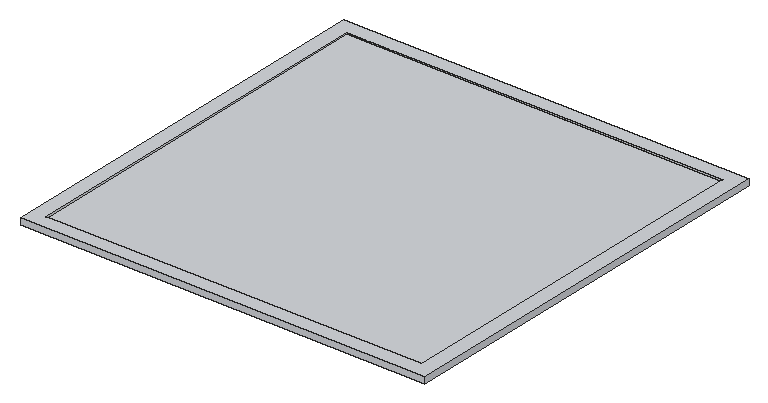
Revit family "0042631", category Lighting Fixtures, host Face, Revit 2017
Family settings
  Host = Face
  Round Connector Dimension = Use Diameter
  Part Type = Normal
  OmniClass Number = 23.80.70.00
  OmniClass Title = Lighting
  Cut with Voids When Loaded = No
  Light Source = Yes
  Shared = No
  Room Calculation Point = No
Parameters (values of type "0042631 S PL U19 600HE IP44 4300 840 LILO")
  Weight = "93.6 kg"
  Wattage Comments = ""
  Wattage = 34 W
  WarrantyStartDate [instance] = "n/a"
  WarrantyGuarantorParts = "n/a"
  WarrantyDurationUnit = "n/a"
  WarrantyDurationParts = "n/a"
  WarrantyDescription = "n/a"
  WIDTH_SYL = 297.5 mm
  built-in parameter 1150110 = 1 (stored number, unit not read)
  Voltage = 0 V
  URL = "http://www.sylvania-lighting.com"
  TypeName = "ST Panel UGR19 600x600 HE IP44 4300 840 LILO"
  Type Image = <None>
  Type Comments = "n/a"
  built-in parameter 1114217 = 1 (stored number, unit not read)
  Tilt Angle = -90.00°
  built-in parameter 1150109 = 1 (stored number, unit not read)
  built-in parameter 1150134 = 12
  TOPWIDTH_SYL = 245 mm
  built-in parameter 1150113 = 1 (stored number, unit not read)
  SerialNumber [instance] = "n/a"
  Photometric Web File = "0042631.ies"
  Material_3_SYL = none
  PowerFactor = 0.9
  PowerConsumption = "34 W"
  NominalLength = 595 mm
  NominalHeight = 35 mm
  NominalDepth = 595 mm
  Name = "ST Panel UGR19 600x600 HE IP44 4300 840 LILO"
  ModelReference = Name  # "ST Panel UGR19 600x600 HE IP44 4300 840 LILO"
  ModelNumber = "0042631"
  Model = Name  # "ST Panel UGR19 600x600 HE IP44 4300 840 LILO"
  Material = "aluminium,steel housing, other diffuser"
  ManufacturerName = "Feilo Sylvania"
  Manufacturer = "Feilo Sylvania"
  MAINHEIGHT_SYL = 63 mm
  LuminousEfficacy = "126 lm/W"
  built-in parameter 1150105 = 2121.3 (stored number, unit not read)
  Lumens = 4284 lm
  LuminaireType = ""
  built-in parameter 1150115 = 1 (stored number, unit not read)
  LightOutputRatio = "n/a"
  built-in parameter 1150137 = (empty or 0)
  built-in parameter 1150139 = (empty or 0)
  LampsType = Lamp  # "LED"
  LampNominalLuminous = "4300 lm"
  LampMacAdamStep = "3"
  LampColourTemperature = "4000 K"
  LampColourRenderingIndex = "80"
  built-in parameter 1150112 = 1 (stored number, unit not read)
  built-in parameter 1150114 = 1 (stored number, unit not read)
  Lamp = "LED"
  LUMWIDTH_SYL = 276.5 mm
  LUMDEPTH_SYL = 276.5 mm
  Keynote = "16500"
  InstallationDate [instance] = "n/a"
  InputVoltage = "n/a"
  InputNominalFrequency = "n/a"
  built-in parameter 1150132 = (empty or 0)
  built-in parameter 1150102 = (empty or 0)
  built-in parameter 1150107 = 4000 (stored number, unit not read)
  built-in parameter 1150138 = (empty or 0)
  IngressProtection = "IP44/20"
  ImpactProtectionIndex = "IK03"
  built-in parameter 1150106 = 21.213 (stored number, unit not read)
  IfcExportType = "IfcLightFixtureType"
  IfcExportAs = "IfcLightFixtureType"
  HEIGHT_SYL = 33 mm
  HEIGHTBOTT_SYL = 7 mm
  Emit from Circle Diameter = 609.6 mm
  Emit Shape Visible in Rendering = no
  ElectricShockClassification = "Class II"
  built-in parameter 1150104 = 11.706 (stored number, unit not read)
  DocumentationLiterature = "http://www.sylvania-lighting.com/product/en-int/products/0042631"
  DimmingControlOptions = "n/a"
  Material_2_SYL = none
  Dimming Lamp Color Temperature Shift = <None>
  Description = ""
  Default Elevation = 1219.2 mm
  DEPTH_SYL = 297.5 mm
  CreatedOn = "4/9/2021"
  CreatedBy = "@sylvania-lighting.com"
  Cost = 0
  Color Filter = 16777215
  built-in parameter 1114216 [instance] = (empty or 0)
  ClassificationValue = "EF_70_80"
  ClassificationName = "Uniclass2015"
  Material_1_SYL = Default
  BarCode [instance] = "n/a"
  built-in parameter 1114218 = 1 (stored number, unit not read)
  BOX_WIDTH_SYL = 40 mm
  built-in parameter 1150133 = 10 (stored number, unit not read)
  AssetType = "Fixed"
  AssetIdentifier [instance] = "n/a"
  Assembly Code = "D5020200"
  Apparent Load = 34 VA
  Material_4_SYL = none
  -LUMDEPTH_SYL = LUMDEPTH_SYL * (-1)  # -276.5 mm
Types (4, lengths in mm): name | TypeName | built-in parameter 1150134 | Photometric Web File | Name | ModelReference | ModelNumber | Model | LuminousEfficacy | built-in parameter 1150105 | Lumens | LampNominalLuminous | LampColourTemperature | built-in parameter 1150107 | built-in parameter 1150106 | built-in parameter 1150104 | DocumentationLiterature
  0042633 S PL U19 600HE IP44 4300 840 TPA LILO | "ST Panel UGR19 600x600 HE IP44 4300 840 TPA LILO" | 12 | "0042633.ies" | "ST Panel UGR19 600x600 HE IP44 4300 840 TPA LILO" | "ST Panel UGR19 600x600 HE IP44 4300 840 TPA LILO" | "0042633" | "ST Panel UGR19 600x600 HE IP44 4300 840 TPA LILO" | "126 lm/W" | 2123.7 (stored number, unit not read) | 4284 lm | "4300 lm" | "4000 K" | 4000 (stored number, unit not read) | 21.237 (stored number, unit not read) | 11.706 (stored number, unit not read) | "http://www.sylvania-lighting.com/product/en-int/products/0042633"
  0042632 S PL U19 600HE IP44 4100 830 TPA LILO | "ST Panel UGR19 600x600 HE IP44 4100 830 TPA LILO" | (empty or 0) | "0042632.ies" | "ST Panel UGR19 600x600 HE IP44 4100 830 TPA LILO" | "ST Panel UGR19 600x600 HE IP44 4100 830 TPA LILO" | "0042632" | "ST Panel UGR19 600x600 HE IP44 4100 830 TPA LILO" | "121 lm/W" | 2018 (stored number, unit not read) | 4114 lm | "4100 lm" | "3000 K" | 3000 (stored number, unit not read) | 20.18 (stored number, unit not read) | 11.241 (stored number, unit not read) | "http://www.sylvania-lighting.com/product/en-int/products/0042632"
  0042630 S PL U19 600HE IP44 4100 830 LILO | "ST Panel UGR19 600x600 HE IP44 4100 830 LILO" | (empty or 0) | "0042630.ies" | "ST Panel UGR19 600x600 HE IP44 4100 830 LILO" | "ST Panel UGR19 600x600 HE IP44 4100 830 LILO" | "0042630" | "ST Panel UGR19 600x600 HE IP44 4100 830 LILO" | "121 lm/W" | 2032.9 (stored number, unit not read) | 4114 lm | "4100 lm" | "3000 K" | 3000 (stored number, unit not read) | 20.329 (stored number, unit not read) | 11.241 (stored number, unit not read) | "http://www.sylvania-lighting.com/product/en-int/products/0042630"
  0042631 S PL U19 600HE IP44 4300 840 LILO | "ST Panel UGR19 600x600 HE IP44 4300 840 LILO" | 12 | "0042631.ies" | "ST Panel UGR19 600x600 HE IP44 4300 840 LILO" | "ST Panel UGR19 600x600 HE IP44 4300 840 LILO" | "0042631" | "ST Panel UGR19 600x600 HE IP44 4300 840 LILO" | "126 lm/W" | 2121.3 (stored number, unit not read) | 4284 lm | "4300 lm" | "4000 K" | 4000 (stored number, unit not read) | 21.213 (stored number, unit not read) | 11.706 (stored number, unit not read) | "http://www.sylvania-lighting.com/product/en-int/products/0042631"
Reference planes
  plane 1 "Center (Front/Back)": y = 0
  plane 2: z = 0
  plane 3 "Center (Left/Right)": x = 0
  plane 4: x = -297.5
  plane 5: x = 297.5
  plane 6: y = 297.5
  plane 7: y = -297.5
  plane 8: x = 276.5
  plane 9: x = -276.5
  plane 10: y = 276.5
  plane 11: y = -276.5
  plane 12: z = -33
  plane 13: z = -7
  plane 14: x = -245
  plane 15: x = 245
  plane 16: y = -245
  plane 17: y = 245
  plane 18: y = 276.5
  plane 19: y = -276.5
  plane 20: z = -63
  plane 21: x = -40
  plane 22: x = 40
Forms (mm)
  Extrusion 1, solid
    sketch origin (0, 0, 0) x (1, 0, 0) y (0, 1, 0)
      loop
        line (-297.5, 297.5) -> (-297.5, -297.5) -> (297.5, -297.5) -> (297.5, 297.5) -> (-297.5, 297.5)
    from -7 to 2
  Extrusion 2, void
    sketch origin (0, 0, 0) x (1, 0, 0) y (0, 1, 0)
      loop
        line (-276.5, 276.5) -> (-276.5, -276.5) -> (276.5, -276.5) -> (276.5, 276.5) -> (-276.5, 276.5)
    from 0 to 10
  Extrusion 3, solid
    sketch origin (0, 0, 0) x (1, 0, 0) y (0, 0, 1)
      loop
        line (-276.5, -7) -> (-245, -33) -> (245, -33) -> (276.5, -7) -> (-276.5, -7)
    from -276.5 <- "-LUMDEPTH_SYL" to 276.5 <- "LUMDEPTH_SYL"
  Extrusion 4, void
    sketch origin (319, 1524, 1219.2) x (0, 1, 0) y (0, 0, 1)
      loop
        line (-1279, -1252.2) -> (-1247.5, -1252.2) -> (-1247.5, -1226.2) -> (-1279, -1252.2)
      loop
        line (-1800.5, -1226.2) -> (-1800.5, -1252.2) -> (-1769, -1252.2) -> (-1800.5, -1226.2)
    from -1000 to 1000
Cuts and joins
  Extrusion 2 cuts Extrusion 1
  Extrusion 4 cuts Extrusion 3
Dimensions and locks
  "WIDTH_SYL": plane 4 to plane 3 "Center (Left/Right)" to plane 5
  "DEPTH_SYL": plane 7 to plane 1 "Center (Front/Back)" to plane 6
  "LUMWIDTH_SYL": plane 9 to plane 3 "Center (Left/Right)" to plane 8
  "LUMDEPTH_SYL": plane 11 to plane 1 "Center (Front/Back)" to plane 10
  "HEIGHT_SYL": host face to plane 12
  "HEIGHTBOTT_SYL": host face to plane 13
  "TOPWIDTH_SYL": plane 14 to imposter light to plane 15
  "TOPWIDTH_SYL": plane 17 to imposter light to plane 16
  "LUMWIDTH_SYL": plane 18 to imposter light to plane 19
  "MAINHEIGHT_SYL": host face to plane 20
  "BOX_WIDTH_SYL": plane 21 to imposter light to plane 22
  aligned and locked: plane 2 to host face
  aligned and locked: level to host face
  aligned and locked: plane 6 to Extrusion 1 sketch curve
  aligned and locked: plane 4 to Extrusion 1 sketch curve
  aligned and locked: Extrusion 1 sketch curve to plane 7
  aligned and locked: Extrusion 1 sketch curve to plane 5
  aligned and locked: plane 10 to Extrusion 2 sketch curve
  aligned and locked: Extrusion 2 sketch curve to plane 9
  aligned and locked: Extrusion 2 sketch curve to plane 11
  aligned and locked: plane 8 to Extrusion 2 sketch curve
Automatic sketch dimensions
  host sketch curve to host sketch curve = 2438.4 mm  (x2)
  plane 9 to Extrusion 3 sketch curve = 0 mm
  Extrusion 3 sketch curve to plane 12 = 0 mm
  plane 14 to Extrusion 3 sketch curve = 0 mm
  plane 15 to Extrusion 3 sketch curve = 0 mm
  plane 8 to Extrusion 3 sketch curve = 0 mm
  Extrusion 3 sketch curve to plane 13 = 0 mm
  Extrusion 4 sketch curve to plane 11 = 0 mm
  plane 12 to Extrusion 4 sketch curve = 0 mm  (x2)
  Extrusion 4 sketch curve to plane 16 = 0 mm
  Extrusion 4 sketch curve to plane 17 = 0 mm
  Extrusion 4 sketch curve to plane 10 = 0 mm
  plane 13 to Extrusion 4 sketch curve = 0 mm  (x2)
Connectors
  electrical at (0, 0, -33)
    settings: on cut or joined group of Extrusion 3, Extrusion 4, index 1, voltage 0 V, apparent load 0 VA, apparent load phase1 0 VA, apparent load phase2 0 VA, apparent load phase3 0 VA, power factor 0.9, load classification "Other", number of poles 1, system type 31, power factor state 1, is connector primary yes, connector utility no, sub classification motor no, connector description ""
